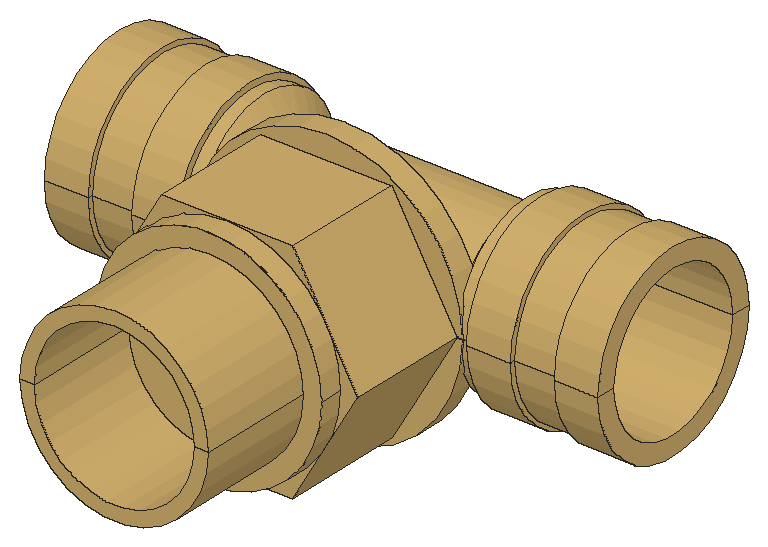
Revit family "PEX_Te_Mach", category Pipe Fittings, Revit 2025
Family settings
  Round Connector Dimension = Use Radius
  Part Type = Tee
  OmniClass Number = 23.60.30.11.14
  OmniClass Title = Pipework Fittings
  Work Plane-Based = No
  Always vertical = Yes
  Cut with Voids When Loaded = No
  Shared = No
Parameters
  Ângulo = 90.00°
  URL = "https://www.ultrapex.com.br/_files/ugd/9f3173_32d47a29bbff48b5af4781a5d529eee8.pdf"
  ULTRAPEX: Versão = "01"  # constant formula
  ULTRAPEX: Norma Técnica = "NBR 15939"  # constant formula
  ULTRAPEX: Descrição [instance] = size_lookup(LookupTable, "DES", "Produto Inexistente", DN1, DN2, DN3)  # "Tê Macho 16x1/2\" - ULTRAPEX"
  ULTRAPEX: Código [instance] = size_lookup(LookupTable, "COD", 0, DN1, DN2, DN3)  # 9161612
  Type Image = Tê Macho.png
  Sextavado [instance] = DN2 Nominal = 20.0 mm  # yes
  RR2 [instance] = DN2 / 2 + 2.0 mm  # 12.05 mm
  RN3 [instance] = 8 mm
  RN2 [instance] = 10 mm
  RN1 [instance] = 8 mm
  Material = Latão - Ultrapex
  LookupTable = "Tê Macho De Redução - ULTRAPEX"
  Lado Conector [instance] = 2 * (DN2 / 2 + 2.0 mm) * tan(30.00°)  # 13.914 mm
  IfcExportAs = "IfcPipeFittingType.CONNECTOR"  # constant formula
  Manufacturer = "UltraPEX"  # constant formula
  Default Elevation = 0.0 mm
  Description = "Tê Macho De Redução - ULTRAPEX"
  DN3 [instance] = RN3 * 2  # 16 mm
  DN2 Nominal [instance] = RN2 * 2  # 20 mm
  DN2 [instance] = if(DN2 Nominal = 20.0 mm, 20.1 mm, if(DN2 Nominal = 25.0 mm, 26.4 mm, if(DN2 Nominal = 32.0 mm, 33.4 mm, 20.0 mm)))  # 20.1 mm
  DN1 [instance] = RN1 * 2  # 16 mm
  Cota O [instance] = 14.5 mm  # constant formula
  Cota N [instance] = size_lookup(LookupTable, "N", 2.1 mm, DN1, DN2, DN3)  # 2.1 mm
  Cota M [instance] = if(DN3 = 16.0 mm, 13.4 mm, if(DN3 = 20.0 mm, 14.0 mm, 15.0 mm))  # 13.4 mm
  Cota L [instance] = if(DN2 Nominal = 20.0 mm, Cota D + 2 * Cota G, Cota B - Cota C)  # 18.7 mm
  Cota J [instance] = if(DN2 Nominal = 20.0 mm, 2.5 mm, 1.0 mm)  # 2.5 mm
  Cota I [instance] = Cota D / 2  # 7.25 mm
  Cota G [instance] = size_lookup(LookupTable, "G", 2.1 mm, DN1, DN2, DN3)  # 2.1 mm
  Cota F [instance] = if(DN2 = 12.7 mm, Cota G, 0.0 mm)  # 0.0 mm
  Cota D [instance] = size_lookup(LookupTable, "D", 17.2 mm, DN1, DN2, DN3)  # 14.5 mm
  Cota C [instance] = size_lookup(LookupTable, "C", 10.3 mm, DN1, DN2, DN3)  # 12.5 mm
  Cota B [instance] = size_lookup(LookupTable, "B", 34.6 mm, DN1, DN2, DN3)  # 46.9 mm
  Cota A [instance] = size_lookup(LookupTable, "A", 57.6 mm, DN1, DN2, DN3)  # 53.6 mm
  Alerta [instance] = if(ULTRAPEX: Código = 0, 1 = 1, 1 = 0)  # no
Reference planes
  plane 1 "Centro (Frente/Trás)": y = 0
  plane 2: z = 0
  plane 3 "Centro (Esquerda/Direita)": x = 0
  plane 4: x = -10.05
  plane 5: x = 10.05
  plane 6: y = -7.25
  plane 7: y = 7.25
  plane 8: x = -26.8
  plane 9: x = 26.8
  plane 10: x = -15.5
  plane 11: x = 15.5
  plane 12: y = 9.75
  plane 13: x = -12.5
  plane 14: x = 12.5
  plane 15: y = -25.05
  plane 16: y = -37.55
  plane 17: y = 9.35
Forms (mm)
  Sweep 1, solid, material "Latão - Ultrapex" <- "Material", detail levels fine
    path origin (0, 0, 0) x (1, 0, 0) y (0, 1, 0)
      loop
        line (-12.5, 0) -> (12.5, 0)
    profile origin (0, 0, 0) x (0, 1, 0) y (0, 0, 1)
      loop
        circle (0, 0) r 7.25
  Revolve 2, solid, material "Latão - Ultrapex" <- "Material", detail levels fine
    sketch origin (0, 0, 0) x (1, 0, 0) y (0, 1, 0)
      loop
        line (0, -9.35) -> (14.5, -9.35) -> (14.5, -6.75) -> (7.25, -2.564) -> (7.25, 0) -> (0, 0) -> (0, -9.35)
      axis (0, 0) -> (0, -9.35)
    angle from 0 to 360
  Extrusion 3, solid, material "Latão - Ultrapex" <- "Material", visible <- "Sextavado", detail levels fine
    sketch origin (-10, -7.25, 4000) x (1, 0, 0) y (0, 0, 1)
      loop
        line (3.043, -4012.05) -> (16.957, -4012.05) -> (23.914, -4000) -> (16.957, -3987.95) -> (3.043, -3987.95) -> (-3.914, -4000) -> (3.043, -4012.05)
    from 0 <- "Cota F" to 15.3
  Revolve 4, solid, material "Latão - Ultrapex" <- "Material", detail levels fine
    sketch origin (0, 0, 0) x (1, 0, 0) y (0, 1, 0)
      loop
        line (-10.05, -25.05) -> (-10.05, -37.55) -> (-8.55, -37.55) -> (-8.55, -25.05) -> (-10.05, -25.05)
      axis (0, -25.05) -> (0, -37.55)
    angle from 0 to 360
  Extrusion 5, solid, material "Latão - Ultrapex" <- "Material", visible <- "Sextavado", detail levels fine
    sketch origin (-11.768, -25.05, 4000) x (-1, 0, 0) y (0, 0, -1)
      loop
        circle (-11.768, 4000) r 12.05
    from 0 to -2.5
  Revolve 6, solid, material "Latão - Ultrapex" <- "Material", detail levels fine
    sketch origin (0, 0, 0) x (1, 0, 0) y (0, 1, 0)
      loop
        line (-12.5, 0) -> (-12.5, 7.25) -> (-14, 9.35) -> (-15.5, 9.35) -> (-15.5, 0) -> (-12.5, 0)
      axis (-12.5, 0) -> (-15.5, 0)
    angle from 0 to 360
  Revolve 7, solid, material "Latão - Ultrapex" <- "Material", detail levels fine
    sketch origin (0, 0, 0) x (-1, 0, 0) y (0, 1, 0)
      loop
        line (-12.5, 0) -> (-12.5, 7.25) -> (-14, 9.35) -> (-15.5, 9.35) -> (-15.5, 0) -> (-12.5, 0)
      axis (-12.5, 0) -> (-15.5, 0)
    angle from 0 to 360
Cuts and joins
  joined: Sweep 1, Revolve 2, Revolve 6
Lines and regions (mm)
  model lines, style "PipeFittingCenterLine", detail levels coarse+medium
    curve 1: line (-15.5, 0, 0) -> (15.5, 0, 0)
    curve 2: line (0, 0, 0) -> (0, -37.55, 0)
Dimensions and locks
  equal spacing: plane 6, plane 1 "Centro (Frente/Trás)", plane 7  (x2)
  equal spacing: plane 4, plane 3 "Centro (Esquerda/Direita)", plane 5
  "DN2": plane 4 to plane 5
  "Cota D": plane 6 to plane 7
  locked: plane 10 to plane 13 at 3
  locked: plane 14 to plane 11 at 3
  locked: plane 10 to plane 3 "Centro (Esquerda/Direita)" at 15.5
  locked: plane 3 "Centro (Esquerda/Direita)" to plane 11 at 15.5
  "Cota C": plane 16 to plane 15
  "Cota B": plane 16 to plane 17
  "Cota L": plane 17 to Revolve 2 sketch curve
  locked: plane 4 to Revolve 4 sketch curve at 1.5
  "Cota J": plane 15 to Extrusion 3
  locked: plane 6 to Revolve 2 sketch curve at 0.5
  "Cota I": plane 3 "Centro (Esquerda/Direita)" to Revolve 2 sketch curve
  "Cota O": plane 3 "Centro (Esquerda/Direita)" to Revolve 2 sketch curve
  "Cota G": plane 7 to plane 17
  equal spacing: Extrusion 3 sketch curve, plane 2, Extrusion 3 sketch curve
  equal spacing: Extrusion 3 sketch curve, plane 3 "Centro (Esquerda/Direita)", Extrusion 3 sketch curve
  "Lado Conector": Extrusion 3 sketch curve to Extrusion 3 sketch curve  (x4)
  Extrusion 3 sketch curve to Extrusion 3 sketch curve = 13.914 mm  (x2)
  equal spacing: plane 10, Revolve 6 sketch curve, plane 13
  equal spacing: plane 14, Revolve 7 sketch curve, plane 11
  "Cota D": diameter of Sweep 1 sketch curve
  "RR2": radius of Extrusion 5 sketch curve
  locked: Revolve 2 sketch curve to plane 1 "Centro (Frente/Trás)" (angle 30.00°)
  locked: Extrusion 3 sketch curve to Extrusion 3 sketch curve (angle 120.00°)  (x5)
  aligned and locked: plane 2 to level
  aligned and locked: plane 1 "Centro (Frente/Trás)" to Sweep 1 sketch curve
  aligned and locked: nested 1 to plane 1 "Centro (Frente/Trás)"
  aligned and locked: nested 2 to plane 11
  aligned and locked: nested 1 to plane 10
  aligned and locked: plane 3 "Centro (Esquerda/Direita)" to curve 2
  aligned and locked: plane 1 "Centro (Frente/Trás)" to curve 1
  aligned and locked: plane 10 to curve 1
  aligned and locked: plane 11 to curve 1
  aligned and locked: Revolve 4 sketch curve to plane 16
  aligned and locked: plane 15 to Revolve 4 sketch curve
  aligned and locked: Revolve 4 sketch curve to plane 4
  aligned and locked: plane 1 "Centro (Frente/Trás)" to Revolve 2 sketch curve
  aligned and locked: Revolve 2 sketch curve to plane 3 "Centro (Esquerda/Direita)"
  aligned and locked: plane 3 "Centro (Esquerda/Direita)" to Revolve 2 sketch curve
  aligned and locked: plane 16 to curve 2
  aligned and locked: plane 13 to Sweep 1 sketch curve
  aligned and locked: plane 14 to Sweep 1 sketch curve
  aligned and locked: plane 1 "Centro (Frente/Trás)" to Revolve 6 sketch curve
  aligned and locked: Revolve 6 sketch curve to plane 1 "Centro (Frente/Trás)"
  aligned and locked: plane 10 to Revolve 6 sketch curve
  aligned and locked: Revolve 6 sketch curve to plane 13
  aligned and locked: Revolve 7 sketch curve to plane 1 "Centro (Frente/Trás)"
  aligned and locked: plane 1 "Centro (Frente/Trás)" to Revolve 7 sketch curve
  aligned and locked: plane 14 to Revolve 7 sketch curve
  aligned and locked: plane 11 to Revolve 7 sketch curve
  aligned and locked: plane 7 to Revolve 7 sketch curve
  aligned and locked: plane 7 to Revolve 6 sketch curve
  aligned and locked: Revolve 6 sketch curve to plane 17
  aligned and locked: plane 17 to Revolve 7 sketch curve
Automatic sketch dimensions
  Revolve 4 sketch curve to plane 3 "Centro (Esquerda/Direita)" = 0.0 mm
  plane 16 to Revolve 4 sketch curve = 2.45 mm
  Revolve 4 sketch curve to plane 12 = 5.65 mm
  plane 10 to Revolve 6 sketch curve = 2.726 mm
  Revolve 6 sketch curve to plane 13 = 1.18 mm
  plane 11 to Revolve 7 sketch curve = 2.726 mm
  Revolve 7 sketch curve to Revolve 7 sketch curve = 1.18 mm
  Sweep 1 sketch curve to level = 0.0 mm
  Sweep 1 sketch curve to profile plane = 0.0 mm
  plane 15 to Revolve 2 sketch curve = 0.0 mm
  plane 1 "Centro (Frente/Trás)" to Revolve 2 sketch curve = 0.0 mm
  Extrusion 5 sketch curve to level = 0.0 mm
  Extrusion 5 sketch curve to plane 3 "Centro (Esquerda/Direita)" = 0.0 mm
Nested families
  nested 1: "Anel Deslizante - ULTRAPEX" at (-15.5, 0, 0) x (0, 1, 0) z (0, 0, 1), Diâmetro Nominal <- "DN1", type "Anel Deslizante - ULTRAPEX"
    with ULTRAPEX: Descrição "Anel Deslizante 16 mm - ULTRAPEX", ULTRAPEX: Código 9040016, Diâmetro Nominal 16 mm, DN 16.0 mm, Cota C 4.667 mm, Cota B 14.0 mm, Cota A 20.0 mm
  nested 2: "Anel Deslizante - ULTRAPEX" at (15.5, 0, 0) x (0, 1, 0) z (0, 0, 1), Diâmetro Nominal <- "DN3", type "Anel Deslizante - ULTRAPEX"
    with ULTRAPEX: Descrição "Anel Deslizante 16 mm - ULTRAPEX", ULTRAPEX: Código 9040016, Diâmetro Nominal 16 mm, DN 16.0 mm, Cota C 4.667 mm, Cota B 14.0 mm, Cota A 20.0 mm
Connectors
  piping at (0, -37.55, 0), diameter 20, driven by "RN2"
    settings: on Revolve 4, index 1, connector inside diameter 609.6 mm, connector length 0.0 mm, flow factor 0, pipe flow 0.0 L/s, pressure drop 0.0 Pa, fitting loss kfactor 0, connector angle 0.00°, fixture units 0, engagement length 0.0 mm, angle of deflection 0.00°, flow configuration 0, flow direction 0, fitting loss method 0, system type 28, joint type 0, gender type 0, connector reference index -1, connector utility 0, adjustable connector no, is connector primary no, connector description ""
  piping at (15.5, 0, 0), diameter 16, driven by "RN3", driven by "Ângulo"
    settings: on nested 2, index 2, connector inside diameter 609.6 mm, connector length 0.0 mm, flow factor 0, pipe flow 0.0 L/s, pressure drop 0.0 Pa, fitting loss kfactor 0, connector angle 90.00°, fixture units 0, engagement length 0.0 mm, angle of deflection 0.00°, flow configuration 0, flow direction 0, fitting loss method 0, system type 28, joint type 0, gender type 0, connector reference index 3, connector utility 0, adjustable connector no, is connector primary no, connector description ""
  piping at (-15.5, 0, 0), diameter 16, driven by "RN1", driven by "Ângulo"
    settings: on nested 1, index 3, connector inside diameter 609.6 mm, connector length 0.0 mm, flow factor 0, pipe flow 0.0 L/s, pressure drop 0.0 Pa, fitting loss kfactor 0, connector angle 90.00°, fixture units 0, engagement length 0.0 mm, angle of deflection 0.00°, flow configuration 0, flow direction 0, fitting loss method 0, system type 28, joint type 0, gender type 0, connector reference index 2, connector utility 0, adjustable connector no, is connector primary yes, connector description ""
Definition of nested family "Anel Deslizante - ULTRAPEX"
  Parameters (values of type "ANEL DESLIZANTE 16mm")
    URL = "https://www.ultrapex.com.br/_files/ugd/9f3173_32d47a29bbff48b5af4781a5d529eee8.pdf"
    ULTRAPEX: Versão = "00"  # constant formula
    ULTRAPEX: Norma Técnica = "NBR 15939"  # constant formula
    ULTRAPEX: Descrição [instance] = size_lookup(LookupTable, "DES", "Produto Inexistente", Diâmetro Nominal)  # "Anel Deslizante 16 mm - ULTRAPEX"
    ULTRAPEX: Código [instance] = size_lookup(LookupTable, "COD", 0, Diâmetro Nominal)  # 9040016
    Type Image = element 373412
    Material = none
    LookupTable = "Anel Deslizante - ULTRAPEX"  # constant formula
    IfcExportAs = "IfcPipeFittingType.CONNECTOR"  # constant formula
    Manufacturer = "UltraPEX"  # constant formula
    Default Elevation = 0.0 mm
    Diâmetro Nominal [instance] = 16 mm
    Description = "Anel Deslizante - ULTRAPEX"
    DN [instance] = size_lookup(LookupTable, "DN", 16.0 mm, Diâmetro Nominal)  # 16.0 mm
    Cota C [instance] = Cota B / 3  # 4.667 mm
    Cota B [instance] = size_lookup(LookupTable, "B", 14.0 mm, Diâmetro Nominal)  # 14.0 mm
    Cota A [instance] = size_lookup(LookupTable, "A", 20.0 mm, Diâmetro Nominal)  # 20.0 mm
  Reference planes
    plane 1 "Centro (Frente/Trás)": y = 0
    plane 2: z = 0
    plane 3 "Centro (Esquerda/Direita)": x = 0
    plane 4: x = 8
    plane 5: x = -8
    plane 6: x = -10
    plane 7: x = 10
    plane 8: y = 14
  Forms (mm)
    Revolve 1, solid, material <- "Material", detail levels fine
      sketch origin (0, 0, 0) x (1, 0, 0) y (0, 1, 0)
        loop
          line (10, 0) -> (10, 14) -> (8, 14) -> (8, 0) -> (10, 0)
        axis (0, 0) -> (0, 14)
      angle from 0 to 360
    Revolve 2, void
      sketch origin (0, 0, 0) x (1, 0, 0) y (0, 1, 0)
        loop
          line (-10.952, 9.333) -> (-10.952, 4.667) -> (-9.524, 4.667) -> (-9.524, 9.333) -> (-10.952, 9.333)
        axis (0, 4.667) -> (0, 9.333)
      angle from 0 to 360
  Cuts and joins
    Revolve 2 cuts Revolve 1
  Lines and regions (mm)
    model lines, detail levels coarse+medium
      curve 1: line (0, 0, 0) -> (0, 14, 0)
  Dimensions and locks
    "DN": plane 5 to plane 4
    "Cota A": plane 6 to plane 7
    equal spacing: plane 6, plane 3 "Centro (Esquerda/Direita)", plane 7
    equal spacing: plane 5, plane 3 "Centro (Esquerda/Direita)", plane 4
    "Cota B": plane 1 "Centro (Frente/Trás)" to plane 8
    "Cota C": Revolve 2 sketch curve to plane 8
    "Cota C": plane 1 "Centro (Frente/Trás)" to Revolve 2 sketch curve
    locked: plane 6 to Revolve 2 sketch curve at 0.476
    locked: Revolve 2 sketch curve to Revolve 2 sketch curve at 1.428
    aligned and locked: level to plane 2
    aligned and locked: plane 3 "Centro (Esquerda/Direita)" to Revolve 1 sketch curve
    aligned and locked: Revolve 1 sketch curve to plane 7
    aligned and locked: plane 4 to Revolve 1 sketch curve
    aligned and locked: plane 1 "Centro (Frente/Trás)" to Revolve 1 sketch curve
    aligned and locked: plane 8 to Revolve 1 sketch curve
    aligned and locked: plane 8 to curve 1
    aligned and locked: plane 1 "Centro (Frente/Trás)" to curve 1
  Automatic sketch dimensions
    plane 1 "Centro (Frente/Trás)" to Revolve 1 sketch curve = 0.0 mm
    Revolve 1 sketch curve to Revolve 1 sketch curve = 0.0 mm
    curve 1 to plane 3 "Centro (Esquerda/Direita)" = 0.0 mm
    Revolve 2 sketch curve to plane 3 "Centro (Esquerda/Direita)" = 0.0 mm
    plane 1 "Centro (Frente/Trás)" to Revolve 2 sketch curve = 0.0 mm
    plane 8 to Revolve 2 sketch curve = 2.253 mm
